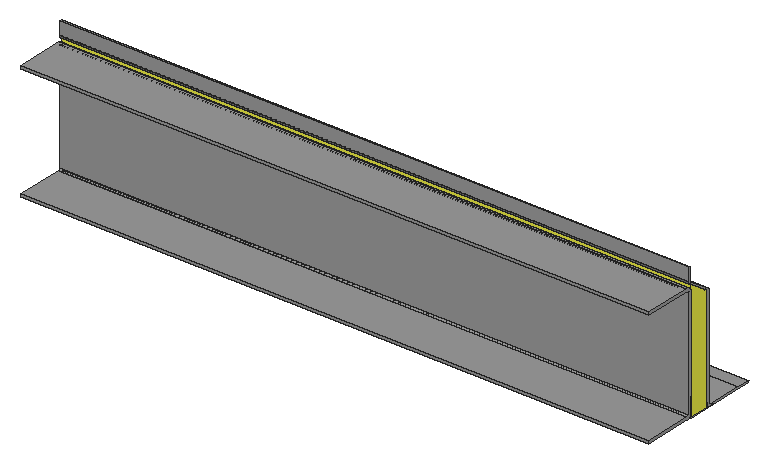
Revit family "TJ K 50", category Generic Models, Revit 2014
Parameters (values of type "Max lintel length 3000mm")
  URL = "http://keystonelintels.com/"
  Structural Opening [instance] = 900 mm
  Structural Performance = "The Keystone lintel range has safe working loads as detailed in each applicable loading table in the Keystone Lintel Guide brochure. The structural performance figures within each table have been ascertained by testing in accordance with the requirements of standards BS EN 5977-2: 1983 and BS EN 845-2: 2003."
  RIBA Productor Selector = "available for Keystone Lintels Ltd from Keystone Lintels Ltd from ribaproductselector.com"
  Model = "TJ/K 50"
  Min Length = 600 mm
  Min Clear Span = 300 mm
  Max Length = 3000 mm
  Max Clear Span = 3000 mm
  Material - Stainless Steel = "Grade 304 2b 1.4307 to BS EN 10088-2. Other grades available on request: contact manufacturer."
  Material - Galvanised Steel = "To BS EN 10346: 2009. DX51D plus Z600 or grade Z275 to BS 5977-2: 1983 (BS EN 845-2: 2003)."
  Manufacturer = "Keystone"
  Manufactured Length [instance] = (roundup(Effective Length / 150 mm) * 150 mm)  # 1200 mm
  Lintel height [instance] = 2100 mm
  Keynote = "F30/755"
  Fire Performance = "Keystone lintels have been subjected to a fire test (WARRES No. 101263) in accordance with BS 476-20: 1987, at Exova Warrington Fire and achieved a one hour fire performance."
  End Bearing = 150 mm
  Effective Length [instance] = Clear Opening with MIN MAX set + End Bearing * 2  # 1200 mm
  Corrosion = "Keystone’s standard range of lintels are manufactured from high quality grade pre-galvanized carbon steel with a zinc coating of 600"
  Contact Tel = "028 86 762184"
  Contact Email = "info@keystonelintels.co.uk"
  Clear Opening with MIN MAX set [instance] = if(Structural Opening < Min Clear Span, Min Clear Span, (if(Structural Opening > Max Clear Span, Max Clear Span, Structural Opening)))  # 900 mm
  CPD Information = "Available for Keystone Lintels Ltd from ribacpd.com"
Reference planes
  plane 1 "Center (Front/Back)": y = 0
  plane 2: z = 0
  plane 3 "Center (Left/Right)": x = 0
  plane 4: x = -600
  plane 5: x = 600
  plane 6: z = 2100
  plane 7: x = -450
  plane 8: x = 450
Forms (mm)
  Extrusion 1, solid, material "Steel"
    sketch origin (0, 696.177, -480.741) x (0, 1, 0) y (0, 0, 1)
      loop
        line (-598.088, 2579.87) -> (-597.977, 2583.068) -> (-622.977, 2583.941) -> (-688.277, 2583.941)
        arc (-688.277, 2583.941) -> (-691.6, 2585.318) -> (-692.977, 2588.641) r 4.7
        line (-692.977, 2588.641) -> (-692.977, 2780.606)
        arc (-692.977, 2780.606) -> (-693.564, 2783.006) -> (-695.192, 2784.864) r 5.2
        line (-695.192, 2784.864) -> (-736.925, 2814.121)
        arc (-736.925, 2814.121) -> (-737.551, 2814.836) -> (-737.777, 2815.759) r 2
        line (-737.777, 2815.759) -> (-737.777, 2840.741) -> (-740.977, 2840.741) -> (-740.977, 2815.759)
        arc (-740.977, 2815.759) -> (-740.39, 2813.359) -> (-738.762, 2811.501) r 5.2
        line (-738.762, 2811.501) -> (-697.029, 2782.244)
        arc (-697.029, 2782.244) -> (-696.402, 2781.529) -> (-696.177, 2780.606) r 2
        line (-696.177, 2780.606) -> (-696.177, 2588.641)
        arc (-696.177, 2588.641) -> (-693.863, 2583.055) -> (-688.277, 2580.741) r 7.9
        line (-688.277, 2580.741) -> (-623.033, 2580.741) -> (-598.088, 2579.87)
    from -600 to 600
  Extrusion 2, solid, material "Steel"
    sketch origin (0, 696.177, -480.754) x (0, 1, 0) y (0, 0, 1)
      loop
        line (-835.996, 2580.754) -> (-743.896, 2580.754)
        arc (-743.896, 2580.754) -> (-738.31, 2583.068) -> (-735.996, 2588.654) r 7.9
        line (-735.996, 2588.654) -> (-735.996, 2797.854)
        arc (-735.996, 2797.854) -> (-738.31, 2803.44) -> (-743.896, 2805.754) r 7.9
        line (-743.896, 2805.754) -> (-835.996, 2805.754) -> (-835.996, 2800.754) -> (-743.896, 2800.754)
        arc (-743.896, 2800.754) -> (-741.845, 2799.905) -> (-740.996, 2797.854) r 2.9
        line (-740.996, 2797.854) -> (-740.996, 2588.654)
        arc (-740.996, 2588.654) -> (-741.845, 2586.603) -> (-743.896, 2585.754) r 2.9
        line (-743.896, 2585.754) -> (-835.996, 2585.754) -> (-835.996, 2580.754)
    from -600 to 600
  Extrusion 3, solid, material "Steel"
    sketch origin (0, 696.177, -480.741) x (0, 1, 0) y (0, 0, 1)
      loop
        line (-679.35, 2579.741) -> (-679.35, 2580.741) -> (-696.35, 2580.741) -> (-696.35, 2588.741) -> (-697.35, 2588.741) -> (-697.35, 2580.741) -> (-731.996, 2580.741)
        arc (-731.996, 2580.741) -> (-734.117, 2581.62) -> (-734.996, 2583.741) r 3
        line (-734.996, 2583.741) -> (-734.996, 2594.441) -> (-734.996, 2618.741) -> (-735.996, 2618.741) -> (-735.996, 2594.441) -> (-735.996, 2583.741)
        arc (-735.996, 2583.741) -> (-734.824, 2580.913) -> (-731.996, 2579.741) r 4
        line (-731.996, 2579.741) -> (-679.35, 2579.741)
    from -600 to 600
  Extrusion 4, solid, material "Insulation"
    sketch origin (0, 696.177, -480.741) x (0, 1, 0) y (0, 0, 1)
      loop
        line (-731.996, 2580.741) -> (-697.35, 2580.741) -> (-697.35, 2588.741) -> (-696.35, 2588.741) -> (-696.35, 2580.741) -> (-688.277, 2580.741)
        arc (-688.277, 2580.741) -> (-693.863, 2583.055) -> (-696.177, 2588.641) r 7.9
        line (-696.177, 2588.641) -> (-696.177, 2780.606)
        arc (-696.177, 2780.606) -> (-696.402, 2781.529) -> (-697.029, 2782.244) r 2
        line (-697.029, 2782.244) -> (-735.996, 2809.562) -> (-735.996, 2618.741) -> (-734.996, 2618.741) -> (-734.996, 2594.441) -> (-734.996, 2583.741)
        arc (-734.996, 2583.741) -> (-734.117, 2581.62) -> (-731.996, 2580.741) r 3
    from -600 to 600
  Extrusion 5, solid, not visible
    sketch origin (0, 982.293, 1319.96) x (0, 1, 0) y (0, 0, 1)
      loop
        line (-598.088, 979.87) -> (-597.977, 983.068) -> (-622.977, 983.941) -> (-688.277, 983.941)
        arc (-688.277, 983.941) -> (-691.6, 985.318) -> (-692.977, 988.641) r 4.7
        line (-692.977, 988.641) -> (-692.977, 1180.606)
        arc (-692.977, 1180.606) -> (-693.564, 1183.006) -> (-695.192, 1184.864) r 5.2
        line (-695.192, 1184.864) -> (-736.925, 1214.121)
        arc (-736.925, 1214.121) -> (-737.551, 1214.836) -> (-737.777, 1215.759) r 2
        line (-737.777, 1215.759) -> (-737.777, 1240.741) -> (-740.977, 1240.741) -> (-740.977, 1215.759)
        arc (-740.977, 1215.759) -> (-740.39, 1213.359) -> (-738.762, 1211.501) r 5.2
        line (-738.762, 1211.501) -> (-697.029, 1182.244)
        arc (-697.029, 1182.244) -> (-696.402, 1181.529) -> (-696.177, 1180.606) r 2
        line (-696.177, 1180.606) -> (-696.177, 988.641)
        arc (-696.177, 988.641) -> (-693.863, 983.055) -> (-688.277, 980.741) r 7.9
        line (-688.277, 980.741) -> (-623.033, 980.741) -> (-598.088, 979.87)
    from 0 to 250
  Extrusion 6, solid, not visible
    sketch origin (0, 604.076, 1229.867) x (0, 1, 0) y (0, 0, 1)
      loop
        line (-835.996, 980.754) -> (-743.896, 980.754)
        arc (-743.896, 980.754) -> (-738.31, 983.068) -> (-735.996, 988.654) r 7.9
        line (-735.996, 988.654) -> (-735.996, 1197.854)
        arc (-735.996, 1197.854) -> (-738.31, 1203.44) -> (-743.896, 1205.754) r 7.9
        line (-743.896, 1205.754) -> (-835.996, 1205.754) -> (-835.996, 1200.754) -> (-743.896, 1200.754)
        arc (-743.896, 1200.754) -> (-741.845, 1199.905) -> (-740.996, 1197.854) r 2.9
        line (-740.996, 1197.854) -> (-740.996, 988.654)
        arc (-740.996, 988.654) -> (-741.845, 986.603) -> (-743.896, 985.754) r 2.9
        line (-743.896, 985.754) -> (-835.996, 985.754) -> (-835.996, 980.754)
    from 0 to 250
  Extrusion 7, solid, not visible
    sketch origin (0, 872.724, 977.195) x (0, 1, 0) y (0, 0, 1)
      loop
        line (-679.35, 979.741) -> (-679.35, 980.741) -> (-696.35, 980.741) -> (-696.35, 988.741) -> (-697.35, 988.741) -> (-697.35, 980.741) -> (-731.996, 980.741)
        arc (-731.996, 980.741) -> (-734.117, 981.62) -> (-734.996, 983.741) r 3
        line (-734.996, 983.741) -> (-734.996, 994.441) -> (-734.996, 1018.741) -> (-735.996, 1018.741) -> (-735.996, 994.441) -> (-735.996, 983.741)
        arc (-735.996, 983.741) -> (-734.824, 980.913) -> (-731.996, 979.741) r 4
        line (-731.996, 979.741) -> (-679.35, 979.741)
    from 0 to 250
  Extrusion 8, solid, not visible
    sketch origin (0, 508.491, 816.715) x (0, 1, 0) y (0, 0, 1)
      loop
        line (-731.996, 980.741) -> (-697.35, 980.741) -> (-697.35, 988.741) -> (-696.35, 988.741) -> (-696.35, 980.741) -> (-688.277, 980.741)
        arc (-688.277, 980.741) -> (-693.863, 983.055) -> (-696.177, 988.641) r 7.9
        line (-696.177, 988.641) -> (-696.177, 1180.606)
        arc (-696.177, 1180.606) -> (-696.402, 1181.529) -> (-697.029, 1182.244) r 2
        line (-697.029, 1182.244) -> (-735.996, 1209.562) -> (-735.996, 1018.741) -> (-734.996, 1018.741) -> (-734.996, 994.441) -> (-734.996, 983.741)
        arc (-734.996, 983.741) -> (-734.117, 981.62) -> (-731.996, 980.741) r 3
    from 0 to 250
Dimensions and locks
  equal spacing: plane 4, plane 3 "Center (Left/Right)", plane 5
  "Manufactured Length": plane 4 to plane 5
  "Lintel height": plane 6 to level
  "Structural Opening": plane 7 to plane 8
  equal spacing: plane 7, plane 3 "Center (Left/Right)", plane 8
  aligned and locked: level to plane 2
  aligned and locked: Extrusion 1 to plane 6
  aligned and locked: Extrusion 4 to plane 6
  aligned and locked: plane 6 to Extrusion 3
  aligned and locked: Extrusion 2 to plane 6
  aligned and locked: plane 5 to Extrusion 2
  aligned and locked: Extrusion 2 to plane 4
  aligned and locked: plane 5 to Extrusion 4
  aligned and locked: Extrusion 4 to plane 4
  aligned and locked: plane 5 to Extrusion 1
  aligned and locked: Extrusion 1 to plane 4
  aligned and locked: plane 5 to Extrusion 3
  aligned and locked: Extrusion 3 to plane 4
Automatic sketch dimensions
  Extrusion 1 sketch curve to Extrusion 1 sketch curve = 65.244 mm
  Extrusion 1 sketch curve to Extrusion 1 sketch curve = 24.944 mm
  Extrusion 1 sketch curve to Extrusion 1 sketch curve = 0.871 mm
  Extrusion 1 sketch curve to Extrusion 1 sketch curve = 0.112 mm
  Extrusion 1 sketch curve to Extrusion 1 sketch curve = 0.056 mm
  Extrusion 1 sketch curve to Extrusion 1 sketch curve = 4.7 mm
  Extrusion 1 sketch curve to Extrusion 1 sketch curve = 0 mm  (x12)
  Extrusion 1 sketch curve to Extrusion 1 sketch curve = 191.965 mm
  Extrusion 1 sketch curve to Extrusion 1 sketch curve = 2 mm
  Extrusion 1 sketch curve to Extrusion 1 sketch curve = 0.852 mm
  Extrusion 1 sketch curve to Extrusion 1 sketch curve = 41.733 mm
  Extrusion 1 sketch curve to Extrusion 1 sketch curve = 29.257 mm
  Extrusion 1 sketch curve to Extrusion 1 sketch curve = 1.837 mm  (x2)
  Extrusion 1 sketch curve to Extrusion 1 sketch curve = 2.62 mm
  Extrusion 1 sketch curve to Extrusion 1 sketch curve = 1.148 mm
  Extrusion 1 sketch curve to Extrusion 1 sketch curve = 1.638 mm
  Extrusion 1 sketch curve to Extrusion 1 sketch curve = 24.982 mm
  Extrusion 2 sketch curve to Extrusion 2 sketch curve = 92.1 mm  (x2)
  Extrusion 2 sketch curve to Extrusion 2 sketch curve = 2.9 mm  (x2)
  Extrusion 2 sketch curve to Extrusion 2 sketch curve = 5 mm
  Extrusion 2 sketch curve to Extrusion 2 sketch curve = 209.2 mm
  Extrusion 2 sketch curve to Extrusion 2 sketch curve = 0 mm  (x8)
  Extrusion 3 sketch curve to Extrusion 3 sketch curve = 1 mm  (x2)
  Extrusion 3 sketch curve to Extrusion 3 sketch curve = 17 mm
  Extrusion 3 sketch curve to Extrusion 3 sketch curve = 35.646 mm
  Extrusion 3 sketch curve to Extrusion 3 sketch curve = 8 mm
  Extrusion 3 sketch curve to Extrusion 3 sketch curve = 0 mm  (x6)
  Extrusion 3 sketch curve to Extrusion 3 sketch curve = 3 mm
  Extrusion 3 sketch curve to Extrusion 3 sketch curve = 10.7 mm
  Extrusion 3 sketch curve to Extrusion 3 sketch curve = 24.3 mm
  Extrusion 4 sketch curve to Extrusion 4 sketch curve = 34.646 mm
  Extrusion 4 sketch curve to Extrusion 4 sketch curve = 8.073 mm
  Extrusion 4 sketch curve to Extrusion 4 sketch curve = 9.073 mm
  Extrusion 4 sketch curve to Extrusion 4 sketch curve = 7.9 mm  (x2)
  Extrusion 4 sketch curve to Extrusion 4 sketch curve = 1 mm  (x2)
  Extrusion 4 sketch curve to Extrusion 4 sketch curve = 0.1 mm
  Extrusion 4 sketch curve to Extrusion 4 sketch curve = 0 mm
  Extrusion 4 sketch curve to Extrusion 4 sketch curve = 191.865 mm
  Extrusion 4 sketch curve to Extrusion 4 sketch curve = 3 mm
  Extrusion 4 sketch curve to Extrusion 4 sketch curve = 10.7 mm
  Extrusion 4 sketch curve to Extrusion 4 sketch curve = 24.3 mm
  Extrusion 4 sketch curve to Extrusion 4 sketch curve = 28.956 mm
  Extrusion 4 sketch curve to Extrusion 4 sketch curve = 2 mm
  Extrusion 4 sketch curve to Extrusion 4 sketch curve = 0.852 mm
  Extrusion 5 sketch curve to Extrusion 5 sketch curve = 65.244 mm
  Extrusion 5 sketch curve to Extrusion 5 sketch curve = 24.944 mm
  Extrusion 5 sketch curve to Extrusion 5 sketch curve = 0.871 mm
  Extrusion 5 sketch curve to Extrusion 5 sketch curve = 0.112 mm
  Extrusion 5 sketch curve to Extrusion 5 sketch curve = 0.056 mm
  Extrusion 5 sketch curve to Extrusion 5 sketch curve = 4.7 mm
  Extrusion 5 sketch curve to Extrusion 5 sketch curve = 0 mm  (x12)
  Extrusion 5 sketch curve to Extrusion 5 sketch curve = 191.965 mm
  Extrusion 5 sketch curve to Extrusion 5 sketch curve = 2 mm
  Extrusion 5 sketch curve to Extrusion 5 sketch curve = 0.852 mm
  Extrusion 5 sketch curve to Extrusion 5 sketch curve = 41.733 mm
  Extrusion 5 sketch curve to Extrusion 5 sketch curve = 29.257 mm
  Extrusion 5 sketch curve to Extrusion 5 sketch curve = 1.837 mm  (x2)
  Extrusion 5 sketch curve to Extrusion 5 sketch curve = 2.62 mm
  Extrusion 5 sketch curve to Extrusion 5 sketch curve = 1.148 mm
  Extrusion 5 sketch curve to Extrusion 5 sketch curve = 1.638 mm
  Extrusion 5 sketch curve to Extrusion 5 sketch curve = 24.982 mm
  Extrusion 6 sketch curve to Extrusion 6 sketch curve = 92.1 mm  (x2)
  Extrusion 6 sketch curve to Extrusion 6 sketch curve = 2.9 mm  (x2)
  Extrusion 6 sketch curve to Extrusion 6 sketch curve = 5 mm
  Extrusion 6 sketch curve to Extrusion 6 sketch curve = 209.2 mm
  Extrusion 6 sketch curve to Extrusion 6 sketch curve = 0 mm  (x8)
  Extrusion 7 sketch curve to Extrusion 7 sketch curve = 1 mm  (x2)
  Extrusion 7 sketch curve to Extrusion 7 sketch curve = 17 mm
  Extrusion 7 sketch curve to Extrusion 7 sketch curve = 35.646 mm
  Extrusion 7 sketch curve to Extrusion 7 sketch curve = 8 mm
  Extrusion 7 sketch curve to Extrusion 7 sketch curve = 0 mm  (x6)
  Extrusion 7 sketch curve to Extrusion 7 sketch curve = 3 mm
  Extrusion 7 sketch curve to Extrusion 7 sketch curve = 10.7 mm
  Extrusion 7 sketch curve to Extrusion 7 sketch curve = 24.3 mm
  Extrusion 8 sketch curve to Extrusion 8 sketch curve = 34.646 mm
  Extrusion 8 sketch curve to Extrusion 8 sketch curve = 8.073 mm
  Extrusion 8 sketch curve to Extrusion 8 sketch curve = 9.073 mm
  Extrusion 8 sketch curve to Extrusion 8 sketch curve = 7.9 mm  (x2)
  Extrusion 8 sketch curve to Extrusion 8 sketch curve = 1 mm  (x2)
  Extrusion 8 sketch curve to Extrusion 8 sketch curve = 0.1 mm
  Extrusion 8 sketch curve to Extrusion 8 sketch curve = 0 mm
  Extrusion 8 sketch curve to Extrusion 8 sketch curve = 191.865 mm
  Extrusion 8 sketch curve to Extrusion 8 sketch curve = 3 mm
  Extrusion 8 sketch curve to Extrusion 8 sketch curve = 10.7 mm
  Extrusion 8 sketch curve to Extrusion 8 sketch curve = 24.3 mm
  Extrusion 8 sketch curve to Extrusion 8 sketch curve = 28.956 mm
  Extrusion 8 sketch curve to Extrusion 8 sketch curve = 2 mm
  Extrusion 8 sketch curve to Extrusion 8 sketch curve = 0.852 mm
  Extrusion 2 sketch curve to plane 6 = 0 mm
  plane 1 "Center (Front/Back)" to Extrusion 2 sketch curve = 139.819 mm
  Extrusion 4 sketch curve to plane 6 = 0 mm
  Extrusion 4 sketch curve to plane 1 "Center (Front/Back)" = 0 mm
  Extrusion 3 sketch curve to plane 6 = 0 mm
  plane 1 "Center (Front/Back)" to Extrusion 3 sketch curve = 39.819 mm
  Extrusion 1 sketch curve to plane 1 "Center (Front/Back)" = 0 mm
  Extrusion 1 sketch curve to plane 6 = 0 mm
